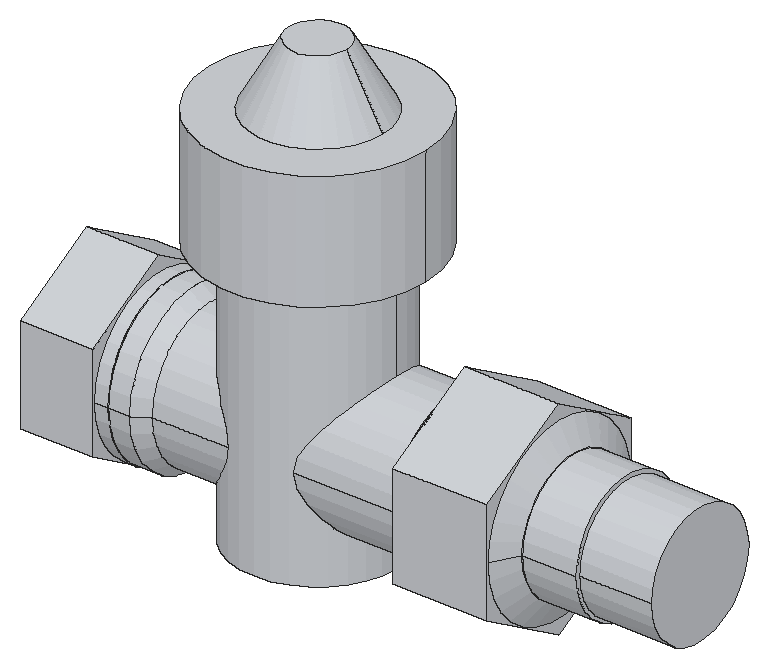
Revit family "Vario-DP_přímý_DN010_RFA_2018", category Pipe Accessories, Revit 2018
Family settings
  Round Connector Dimension = Use Diameter
  Part Type = Valve - Breaks Into
  Work Plane-Based = No
  Always vertical = Yes
  Cut with Voids When Loaded = No
  Shared = No
Parameters (values of type "Vario-DP přímý DN10")
  magiProductId = "cff3df26e6cf48da84c7a4aeae022f"
  magiProductFamilyId = "9a3b6d3dc30f4d82b1fd8b50564aa5"
  magiPartTypeId = 303
  ang2D [instance] = 0.00°
  Z1 = 4 mm
  W2D = 10 mm
  VersionID = "2.0/2021.2.17.1/FRESE_RADCON_RAD_LO_SHI_S_201"
  VIS0 = no
  Use Minimum Symbol Size [instance] = no
  URL = "www.hydronix.cz"
  Type Comments = "Termostatický radiátorový ventil s integrovaným omezovačem průtoku; přímý; závitový, PN10; +0~+90°C; pracovní dp 15-70kPa; max. síla pohonu 120N; připojení hlavice: M30x1,5"
  TL__ve = -TL  # -10.1 mm
  TL = 10.1 mm
  SW_2 = no
  SW_1 = yes
  SW2_LLDONLY = and(SW2, LLDONLY)  # no
  SW2_LLDAndHLD = and(SW2, LLDAndHLD)  # no
  SW2_ENBL350 = and(SW2, ENBL350)  # no
  SW22 = no
  SW2 = no
  SW1_LLDONLY = and(SW1, LLDONLY)  # yes
  SW1_ENBL350 = and(SW1, ENBL350)  # no
  SW11 = no
  SW1 = yes
  SW = yes
  RT_1 = 11.35 mm
  RT_01 = 7.5 mm
  RT_0 = 9 mm
  RTX = 1.35 mm
  RT4 = 8.85 mm
  RT22 = 14.35 mm
  RT2 = 11 mm
  RT1 = 13.35 mm
  RT0X = 8.5 mm
  RT02 = 12.35 mm
  RT01 = 9 mm
  RT00 = 6 mm
  RT0 = 10 mm
  RT = 8.35 mm
  RR = 5 mm
  QmdConnectorList = "301;D;302;D"
  Productdata [instance] = ""
  Manufacturer = "Hydronix"
  MC Use Limits From Balancing Method = no
  MC Throttling Minimum Value = 0
  MC Throttling Maximum Value = 0
  MC Product Code = "VARIO-DP; přímý DN10; (obj.č.: 161010100); dpmin=15kPa; dpmax: 70kPa;; rozsah nastavení 20-340l/h"
  MC Pressure Drop Minimum Value = 0.0 Pa
  MC Pressure Drop Maximum Value = 0.0 Pa
  MC Enable LOD 350 = no
  MC Enable LOD 200 = no
  L_2 = 37.5 mm
  L_ = 75 mm
  LT = 85 mm
  LP = 7.5 mm
  LLDONLY = not(BBVIS)  # yes
  LLDAndHLD = and(or(LLDONLY, MC Enable LOD 350), not(BBVIS))  # yes
  L2D_Min = 30.48 mm
  L2D = 75 mm
  L22__ve = -L22  # -13 mm
  L22 = 13 mm
  L2 = 10 mm
  L1__ve = -L1  # -7.5 mm
  L1 = 7.5 mm
  L = 75 mm
  HS = 16.25 mm
  H = 23 mm
  ENBL350 = and(MC Enable LOD 350, not(BBVIS))  # no
  Description = "Termostatický radiátorový ventil s omezovačem max. průtoku; DN10; rozsah nastavení omezovače max. průtok: 20-340l/h"
  DT = 16.7 mm
  DS3 = 4 mm
  DS2 = 9 mm
  DS1 = 15 mm
  D = 10 mm
  CenSd_RT22_6 = RT22 * cos(30.00°)  # 12.427 mm
  CenSd_RT1_6 = RT1 * cos(30.00°)  # 11.561 mm
  CenSd_RT0X_6 = RT0X * cos(30.00°)  # 7.361 mm
  CAT0 = yes
  CAT = no
  C = 32 mm
  BZ = 48 mm
  BY = 16 mm
  BBVIS = MC Enable LOD 200  # no
Types (3, lengths in mm): name | magiProductId | Z1 | W2D | TL__ve | TL | RT_1 | RTX | RT4 | RT22 | RT1 | RT02 | RT | MC Product Code | L_2 | L_ | LT | LP | L2D | L | Description | DT | D | CenSd_RT22_6 | CenSd_RT1_6 | C | BY
  Vario-DP přímý DN10 | "cff3df26e6cf48da84c7a4aeae022f" | 4 | 10 | -10.1 | 10.1 | 11.35 | 1.35 | 8.85 | 14.35 | 13.35 | 12.35 | 8.35 | "VARIO-DP; přímý DN10; (obj.č.: 161010100); dpmin=15kPa; dpmax: 70kPa;; rozsah nastavení 20-340l/h" | 37.5 | 75 | 85 | 7.5 | 75 | 75 | "Termostatický radiátorový ventil s omezovačem max. průtoku; DN10; rozsah nastavení omezovače max. průtok: 20-340l/h" | 16.7 | 10 | 12.427 | 11.561 | 32 | 16
  Vario-DP přímý DN20 | "65e4e24176f04ec8add0c08a0806a3" | 7 | 20 | -14.5 | 14.5 | 16.2 | 6.2 | 13.7 | 19.2 | 18.2 | 15.7 | 13.2 | "VARIO-DP; přímý DN20; (obj.č.: 161030100); dpmin=15kPa; dpmax: 70kPa;; rozsah nastavení 20-340l/h" | 45.75 | 91.5 | 106 | 9.15 | 91.5 | 91.5 | "Termostatický radiátorový ventil s omezovačem max. průtoku; DN20; rozsah nastavení omezovače max. průtok: 20-340l/h" | 26.4 | 20 | 16.628 | 15.762 | 40 | 19.2
  Vario-DP přímý DN15 | "86c7649ae082497d8c558b15a6d69e" | 5 | 15 | -13.2 | 13.2 | 13.5 | 3.5 | 11 | 16.5 | 15.5 | 14.5 | 10.5 | "VARIO-DP; přímý DN15; (obj.č.: 161020100); dpmin=15kPa; dpmax: 70kPa;; rozsah nastavení 20-340l/h" | 40.9 | 81.8 | 95 | 8.18 | 81.8 | 81.8 | "Termostatický radiátorový ventil s omezovačem max. průtoku; DN15; rozsah nastavení omezovače max. průtok: 20-340l/h" | 21 | 15 | 14.289 | 13.423 | 36 | 16
Reference planes
  plane 1 "Center (Front/Back)": y = 0
  plane 2 "XYPLANE": z = 0
  plane 3 "Center (Left/Right)": x = 0
  plane 4 "196": z = -14
  plane 5 "195": z = -10
  plane 6 "194": x = -16.5
  plane 7 "193": x = -10.5
  plane 8 "186": x = -25.5
  plane 9 "179": y = 11.35
  plane 10 "178": y = 10
  plane 11 "177": x = -20.5
  plane 12 "176": x = -22.5
  plane 13 "175": x = -27.5
  plane 14 "173": x = 0
  plane 15 "172": x = -37.5
  plane 16 "170": z = 18
  plane 17 "152": z = 48
  plane 18 "139": z = 2
  plane 19 "129": z = 13
  plane 20 "116": z = 39.25
  plane 21 "73": y = -16
  plane 22 "72": y = 16
  plane 23 "68": z = 48
  plane 24 "54": z = 20
  plane 25 "41": z = 23
  plane 26 "36": x = 37.5
  plane 27 "34": x = 12.9
  plane 28 "33": x = 14.9
  plane 29 "24": x = 27.9
  plane 30 "23": x = 29.9
  plane 31 "9": x = 37.4
  plane 32 "8": x = 47.5
  plane 33 "7": z = -14.35
  plane 34 "3": y = 0
  plane 35 "2": x = -5.5
  plane 36 "1": z = 0
Forms (mm)
  Blend 1, solid, visible <- "LLDAndHLD"
    base sketch origin (-20.5, -750, 0) x (0, 1, 0) y (0, 0, 1)
      loop
        circle (750, 0) r 10
    top sketch origin (-20.5, -750, 0) x (0, 1, 0) y (0, 0, 1)
      loop
        circle (750, 0) r 10
    from 0 to 33.4
  Extrusion 2, solid, visible <- "ENBL350"
    sketch origin (-750, 0, -14) x (1, 0, 0) y (0, 1, 0)
      loop
        circle (744.5, 0) r 5
    from 0 to 4 <- "Z1"
  Revolve 3, solid, visible <- "ENBL350"
    sketch origin (-10.5, 0, 0) x (0, 0, 1) y (1, 0, 0)
      loop
        line (0, 0) -> (-14, 0)
        arc (-14, 0) -> (-8.97, -7.596) -> (0, -6) r 8.3
        line (0, -6) -> (0, 0)
      axis (-14, 5) -> (0, 5)
    angle from 0 to -360
  Blend 4, solid, visible <- "LLDAndHLD"
    base sketch origin (-27.5, -750, 0) x (0, 1, 0) y (0, 0, 1)
      loop
        circle (750, 0) r 11.35
    top sketch origin (-27.5, -750, 0) x (0, 1, 0) y (0, 0, 1)
      loop
        circle (750, 0) r 11.35
    from 0 to 2
  Blend 5, solid, visible <- "SW2_ENBL350"
    base sketch origin (-750, 0, 20) x (1, 0, 0) y (0, 1, 0)
      loop
        circle (744.5, 0) r 7.5
    top sketch origin (-750, 0, 20) x (1, 0, 0) y (0, 1, 0)
      loop
        circle (744.5, 0) r 10
    from 0 to -2
  Blend 6, solid, visible <- "SW1_ENBL350"
    base sketch origin (-750, 0, 23) x (1, 0, 0) y (0, 1, 0)
      loop
        circle (744.5, 0) r 11
    top sketch origin (-750, 0, 23) x (1, 0, 0) y (0, 1, 0)
      loop
        circle (744.5, 0) r 11
    from 0 to -23
  Revolve 7, solid, visible <- "LLDAndHLD"
    sketch origin (-25.5, 10, 0) x (1, 0, 0) y (0, 1, 0)
      loop
        line (0, 0) -> (5, 0) -> (3, 1.35) -> (0, 1.35) -> (0, 0)
      axis (5, -10) -> (0, -10)
    angle from 0 to -360
  Blend 8, solid, visible <- "SW2_LLDONLY"
    base sketch origin (-750, 0, -14) x (1, 0, 0) y (0, 1, 0)
      loop
        circle (744.5, 0) r 10
    top sketch origin (-750, 0, -14) x (1, 0, 0) y (0, 1, 0)
      loop
        circle (744.5, 0) r 10
    from 0 to 34
  Blend 9, solid, visible <- "SW2_ENBL350"
    base sketch origin (-750, 0, 13) x (1, 0, 0) y (0, 1, 0)
      loop
        circle (744.5, 0) r 9
    top sketch origin (-750, 0, 13) x (1, 0, 0) y (0, 1, 0)
      loop
        circle (744.5, 0) r 9
    from 0 to -11
  Extrusion 10, solid, visible <- "SW2_ENBL350"
    sketch origin (-750, 0, 18) x (1, 0, 0) y (0, 1, 0)
      loop
        circle (744.5, 0) r 10
    from 0 to -5
  Extrusion 11, solid, visible <- "SW2_LLDAndHLD"
    sketch origin (-750, 0, 23) x (1, 0, 0) y (0, 1, 0)
      loop
        line (753, 0) -> (748.75, 7.361) -> (740.25, 7.361) -> (736, 0) -> (740.25, -7.361) -> (748.75, -7.361) -> (753, 0)
    from 0 to -3
  Blend 12, solid, visible <- "SW1_LLDONLY"
    base sketch origin (-750, 0, -14) x (1, 0, 0) y (0, 1, 0)
      loop
        circle (744.5, 0) r 11
    top sketch origin (-750, 0, -14) x (1, 0, 0) y (0, 1, 0)
      loop
        circle (744.5, 0) r 11
    from 0 to 37
  Blend 13, solid, visible <- "SW1_LLDONLY"
    base sketch origin (-750, 0, 48) x (1, 0, 0) y (0, 1, 0)
      loop
        circle (744.5, 0) r 4
    top sketch origin (-750, 0, 48) x (1, 0, 0) y (0, 1, 0)
      loop
        circle (744.5, 0) r 9
    from 0 to -8.75
  Blend 14, solid, visible <- "BBVIS"
    base sketch origin (-750, 0, 48) x (1, 0, 0) y (0, 1, 0)
      loop
        line (712.5, -16) -> (797.5, -16) -> (797.5, 16) -> (712.5, 16) -> (712.5, -16)
    top sketch origin (-750, 0, 48) x (1, 0, 0) y (0, 1, 0)
      loop
        line (712.5, -16) -> (797.5, -16) -> (797.5, 16) -> (712.5, 16) -> (712.5, -16)
    from 0 to -62.35
  Extrusion 15, solid, visible <- "SW1_LLDONLY"
    sketch origin (-750, 0, 23) x (1, 0, 0) y (0, 1, 0)
      loop
        circle (744.5, 0) r 15
    from 0 to 16.25 <- "HS"
  Extrusion 16, solid, visible <- "LLDAndHLD"
    sketch origin (47.5, -750, 0) x (0, 1, 0) y (0, 0, 1)
      loop
        circle (750, 0) r 8.35
    from 0 to -10.1 <- "TL__ve"
  Blend 17, solid, visible <- "LLDAndHLD"
    base sketch origin (14.9, -750, 0) x (0, 1, 0) y (0, 0, 1)
      loop
        circle (750, 0) r 12.35
    top sketch origin (14.9, -750, 0) x (0, 1, 0) y (0, 0, 1)
      loop
        circle (750, 0) r 10
    from 0 to -2
  Extrusion 18, solid, visible <- "LLDAndHLD"
    sketch origin (27.9, -750, 0) x (0, 1, 0) y (0, 0, 1)
      loop
        line (750, 14.35) -> (737.573, 7.175) -> (737.573, -7.175) -> (750, -14.35) -> (762.427, -7.175) -> (762.427, 7.175) -> (750, 14.35)
    from 0 to -13 <- "L22__ve"
  Blend 19, solid, visible <- "LLDAndHLD"
    base sketch origin (29.9, -750, 0) x (0, 1, 0) y (0, 0, 1)
      loop
        circle (750, 0) r 8.85
    top sketch origin (29.9, -750, 0) x (0, 1, 0) y (0, 0, 1)
      loop
        circle (750, 0) r 12.35
    from 0 to -2
  Extrusion 20, solid, visible <- "LLDAndHLD"
    sketch origin (37.4, -750, 0) x (0, 1, 0) y (0, 0, 1)
      loop
        circle (750, 0) r 8.85
    from 0 to -7.5 <- "L1__ve"
  Extrusion 21, solid, visible <- "LLDAndHLD"
    sketch origin (-37.5, -750, 0) x (0, 1, 0) y (0, 0, 1)
      loop
        line (750, -13.35) -> (761.561, -6.675) -> (761.561, 6.675) -> (750, 13.35) -> (738.439, 6.675) -> (738.439, -6.675) -> (750, -13.35)
    from 0 to 10 <- "L2"
  Extrusion 22, solid, not visible
    sketch origin (-37.5, -750, 0) x (0, 1, 0) y (0, 0, 1)
      loop
        circle (750, 0) r 10
    from 0 to 10
  Extrusion 23, solid, not visible
    sketch origin (37.5, -750, 0) x (0, 1, 0) y (0, 0, 1)
      loop
        circle (750, 0) r 10
    from 0 to -10
Lines and regions (mm)
  reference lines, not visible
    curve 1: circle (2, 2, 0) r 1 normal (0, 0, 1)
  reference lines
    curve 2: line (-16.5, 0, 0) -> (-10.5, 0, -14)
    curve 3: line (-5.5, 0, 23) -> (-7.625, 3.681, 23)
    curve 4: line (-5.5, 0, 23) -> (-9.75, 0, 23)
    curve 5: line (-5.5, 0, 23) -> (-7.625, -3.681, 23)
    curve 6: line (27.9, 0, 0) -> (27.9, 6.214, -3.588)
    curve 7: line (27.9, 0, 0) -> (27.9, 0, -7.175)
    curve 8: line (27.9, 0, 0) -> (27.9, -6.214, -3.588)
    curve 9: line (-37.5, 0, 0) -> (-37.5, 5.781, 3.338)
    curve 10: line (-37.5, 0, 0) -> (-37.5, 0, 6.675)
    curve 11: line (-37.5, 0, 0) -> (-37.5, -5.781, 3.338)
Dimensions and locks
  plane 1 "Center (Front/Back)" to curve 1 = 2 mm
  "Z1": plane 5 "195" to plane 4 "196"
  "RT0": plane 36 "1" to plane 5 "195"
  "RT00": plane 7 "193" to plane 6 "194"
  locked: plane 35 "2" to plane 7 "193" at 5
  locked: plane 13 "175" to plane 8 "186" at 2
  "RTX": plane 10 "178" to plane 9 "179"
  "RT0": plane 34 "3" to plane 10 "178"
  locked: plane 12 "176" to plane 11 "177" at 2
  locked: plane 8 "186" to plane 12 "176" at 3
  "L2": plane 15 "172" to plane 13 "175"
  locked: plane 3 "Center (Left/Right)" to plane 14 "173"
  "L_2": plane 14 "173" to plane 15 "172"
  locked: plane 24 "54" to plane 16 "170" at 2
  "BZ": plane 36 "1" to plane 17 "152"
  locked: plane 36 "1" to plane 18 "139" at 2
  locked: plane 16 "170" to plane 19 "129" at 5
  locked: plane 23 "68" to plane 20 "116" at 8.75
  "BY": plane 34 "3" to plane 21 "73"
  "BY": plane 34 "3" to plane 22 "72"
  locked: plane 25 "41" to plane 23 "68" at 25
  locked: plane 25 "41" to plane 24 "54" at 3
  "H": plane 36 "1" to plane 25 "41"
  "L_": plane 15 "172" to plane 26 "36"
  locked: plane 28 "33" to plane 27 "34" at 2
  "L22": plane 29 "24" to plane 28 "33"
  locked: plane 30 "23" to plane 29 "24" at 2
  "L1": plane 31 "9" to plane 30 "23"
  "TL": plane 32 "8" to plane 31 "9"
  "LT": plane 15 "172" to plane 32 "8"
  "RT22": plane 36 "1" to plane 33 "7"
  locked: plane 1 "Center (Front/Back)" to plane 34 "3"
  "C": plane 15 "172" to plane 35 "2"
  locked: plane 2 "XYPLANE" to plane 36 "1"
  "RR": curve 2 to Revolve 3 sketch curve
  Revolve 3 sketch curve to Revolve 3 sketch curve = 0 mm  (x6)
  Revolve 7 sketch curve to Revolve 7 sketch curve = 0 mm  (x8)
  "CenSd_RT0X_6": curve 3 to Extrusion 11 sketch curve  (x2)
  "CenSd_RT0X_6": curve 4 to Extrusion 11 sketch curve  (x2)
  "CenSd_RT0X_6": curve 5 to Extrusion 11 sketch curve  (x2)
  Extrusion 11 sketch curve to Extrusion 11 sketch curve = 0 mm  (x12)
  Blend 14 sketch curve to Blend 14 sketch curve = 0 mm  (x16)
  "CenSd_RT22_6": curve 6 to Extrusion 18 sketch curve  (x2)
  "CenSd_RT22_6": curve 7 to Extrusion 18 sketch curve  (x2)
  "CenSd_RT22_6": curve 8 to Extrusion 18 sketch curve  (x2)
  Extrusion 18 sketch curve to Extrusion 18 sketch curve = 0 mm  (x12)
  "CenSd_RT1_6": curve 9 to Extrusion 21 sketch curve  (x2)
  "CenSd_RT1_6": curve 10 to Extrusion 21 sketch curve  (x2)
  "CenSd_RT1_6": curve 11 to Extrusion 21 sketch curve  (x2)
  Extrusion 21 sketch curve to Extrusion 21 sketch curve = 0 mm  (x12)
  "RT0": radius of Blend 1 sketch curve  (x2)
  "RR": radius of Extrusion 2 sketch curve
  "RT_1": radius of Blend 4 sketch curve  (x2)
  "RT0": radius of Blend 5 sketch curve
  "RT_01": radius of Blend 5 sketch curve
  "RT2": radius of Blend 6 sketch curve  (x2)
  "RT0": radius of Blend 8 sketch curve  (x2)
  "RT01": radius of Blend 9 sketch curve
  "RT_0": radius of Blend 9 sketch curve
  "RT0": radius of Extrusion 10 sketch curve
  "RT2": radius of Blend 12 sketch curve  (x2)
  "DS2": radius of Blend 13 sketch curve
  "DS3": radius of Blend 13 sketch curve
  "DS1": radius of Extrusion 15 sketch curve
  "RT": radius of Extrusion 16 sketch curve
  "RT0": radius of Blend 17 sketch curve
  "RT02": radius of Blend 17 sketch curve
  "RT02": radius of Blend 19 sketch curve
  "RT4": radius of Blend 19 sketch curve
  "RT4": radius of Extrusion 20 sketch curve
  locked: curve 4 to curve 3 (angle 60.00°)
  locked: curve 5 to curve 4 (angle 60.00°)
  locked: curve 5 to curve 3 (angle 120.00°)
  locked: curve 7 to curve 6 (angle 60.00°)
  locked: curve 8 to curve 7 (angle 60.00°)
  locked: curve 8 to curve 6 (angle 120.00°)
  locked: curve 10 to curve 9 (angle 60.00°)
  locked: curve 11 to curve 10 (angle 60.00°)
  locked: curve 11 to curve 9 (angle 120.00°)
  aligned and locked: level to plane 2 "XYPLANE"
  aligned and locked: Blend 1 sketch curve to plane 34 "3"  (x2)
  aligned and locked: plane 36 "1" to Blend 1 sketch curve  (x2)
  aligned and locked: plane 27 "34" to Blend 1
  aligned and locked: plane 34 "3" to Extrusion 2 sketch curve
  aligned and locked: plane 35 "2" to Extrusion 2 sketch curve
  aligned and locked: plane 36 "1" to Revolve 3 sketch curve  (x2)
  aligned and locked: Revolve 3 sketch curve to plane 7 "193"  (x2)
  aligned and locked: Revolve 3 sketch curve to plane 6 "194"
  aligned and locked: curve 2 to plane 6 "194"
  aligned and locked: plane 36 "1" to curve 2
  aligned and locked: plane 4 "196" to curve 2
  aligned and locked: curve 2 to plane 7 "193"
  aligned and locked: plane 4 "196" to Revolve 3 sketch curve  (x2)
  aligned and locked: Revolve 3 sketch curve to plane 35 "2"
  aligned and locked: Blend 4 sketch curve to plane 34 "3"  (x2)
  aligned and locked: plane 36 "1" to Blend 4 sketch curve  (x2)
  aligned and locked: plane 8 "186" to Blend 4
  aligned and locked: plane 34 "3" to Blend 5 sketch curve  (x2)
  aligned and locked: plane 35 "2" to Blend 5 sketch curve  (x2)
  aligned and locked: Blend 5 to plane 16 "170"
  aligned and locked: plane 34 "3" to Blend 6 sketch curve  (x2)
  aligned and locked: plane 35 "2" to Blend 6 sketch curve  (x2)
  aligned and locked: Blend 6 to plane 36 "1"
  aligned and locked: plane 8 "186" to Revolve 7 sketch curve  (x3)
  aligned and locked: plane 10 "178" to Revolve 7 sketch curve  (x2)
  aligned and locked: plane 9 "179" to Revolve 7 sketch curve  (x2)
  aligned and locked: plane 12 "176" to Revolve 7 sketch curve
  aligned and locked: plane 11 "177" to Revolve 7 sketch curve  (x2)
  aligned and locked: plane 34 "3" to Blend 8 sketch curve  (x2)
  aligned and locked: plane 35 "2" to Blend 8 sketch curve  (x2)
  aligned and locked: plane 24 "54" to Blend 8
  aligned and locked: plane 34 "3" to Blend 9 sketch curve  (x2)
  aligned and locked: plane 35 "2" to Blend 9 sketch curve  (x2)
  aligned and locked: Blend 9 to plane 18 "139"
  aligned and locked: plane 34 "3" to Extrusion 10 sketch curve
  aligned and locked: plane 35 "2" to Extrusion 10 sketch curve
  aligned and locked: plane 34 "3" to curve 5
  aligned and locked: plane 35 "2" to curve 5
  aligned and locked: plane 34 "3" to Blend 12 sketch curve  (x2)
  aligned and locked: plane 35 "2" to Blend 12 sketch curve  (x2)
  aligned and locked: plane 25 "41" to Blend 12
  aligned and locked: plane 34 "3" to Blend 13 sketch curve  (x2)
  aligned and locked: plane 35 "2" to Blend 13 sketch curve  (x2)
  aligned and locked: Blend 13 to plane 20 "116"
  aligned and locked: plane 15 "172" to Blend 14 sketch curve  (x4)
  aligned and locked: plane 21 "73" to Blend 14 sketch curve  (x4)
  aligned and locked: plane 22 "72" to Blend 14 sketch curve  (x4)
  aligned and locked: plane 32 "8" to Blend 14 sketch curve  (x4)
  aligned and locked: Blend 14 to plane 33 "7"
  aligned and locked: plane 34 "3" to Extrusion 15 sketch curve
  aligned and locked: plane 35 "2" to Extrusion 15 sketch curve
  aligned and locked: Extrusion 16 sketch curve to plane 34 "3"
  aligned and locked: plane 36 "1" to Extrusion 16 sketch curve
  aligned and locked: Blend 17 sketch curve to plane 34 "3"  (x2)
  aligned and locked: plane 36 "1" to Blend 17 sketch curve  (x2)
  aligned and locked: Blend 17 to plane 27 "34"
  aligned and locked: curve 8 to plane 34 "3"
  aligned and locked: plane 36 "1" to curve 8
  aligned and locked: Blend 19 sketch curve to plane 34 "3"  (x2)
  aligned and locked: plane 36 "1" to Blend 19 sketch curve  (x2)
  aligned and locked: Blend 19 to plane 29 "24"
  aligned and locked: Extrusion 20 sketch curve to plane 34 "3"
  aligned and locked: plane 36 "1" to Extrusion 20 sketch curve
  aligned and locked: curve 11 to plane 34 "3"
  aligned and locked: plane 36 "1" to curve 11
  aligned and locked: Extrusion 22 sketch curve to plane 34 "3"
  aligned and locked: plane 36 "1" to Extrusion 22 sketch curve
  aligned and locked: Extrusion 23 sketch curve to plane 34 "3"
  aligned and locked: plane 36 "1" to Extrusion 23 sketch curve
  aligned and locked: plane 34 "3" to nested 1
  aligned and locked: plane 35 "2" to nested 1
Automatic sketch dimensions
  plane 1 "Center (Front/Back)" to Revolve 7 sketch curve = 0 mm
  Extrusion 22 sketch curve to plane 10 "178" = 0 mm
  Extrusion 23 sketch curve to plane 10 "178" = 0 mm
  plane 3 "Center (Left/Right)" to curve 1 = 2 mm
  radius of curve 1 = 1 mm
Nested families
  nested 1: "0_2" at (-5.5, 0, 23) x (0, -1, 0) z (0, 0, 1), visible <- "SW1", type "Size1"
    with VIS0 no, ModelLinesVisible no, H33 11.35 mm, H3 11.25 mm, H2 8.75 mm, H1 5 mm, H 25 mm, DX 13 mm, D3 4 mm, D2 9 mm, D1 15 mm, D 16 mm, CAT no
Connectors
  piping at (-37.5, 0, 0), diameter 10, driven by "D"
    settings: on Extrusion 22, index 1, connector inside diameter 609.6 mm, connector length 0 mm, flow factor 0, pipe flow 0.0 L/s, pressure drop 0.0 Pa, fitting loss kfactor 0, connector angle 0.00°, fixture units 0, engagement length 0 mm, angle of deflection 0.00°, flow configuration 0, flow direction 0, fitting loss method 0, system type 29, joint type 0, gender type 0, connector reference index 2, connector utility 0, adjustable connector no, is connector primary yes, connector description ""
  piping at (37.5, 0, 0), diameter 10, driven by "D"
    settings: on Extrusion 23, index 2, connector inside diameter 609.6 mm, connector length 0 mm, flow factor 0, pipe flow 0.0 L/s, pressure drop 0.0 Pa, fitting loss kfactor 0, connector angle 0.00°, fixture units 0, engagement length 0 mm, angle of deflection 0.00°, flow configuration 0, flow direction 0, fitting loss method 0, system type 29, joint type 0, gender type 0, connector reference index 1, connector utility 0, adjustable connector no, is connector primary no, connector description ""
